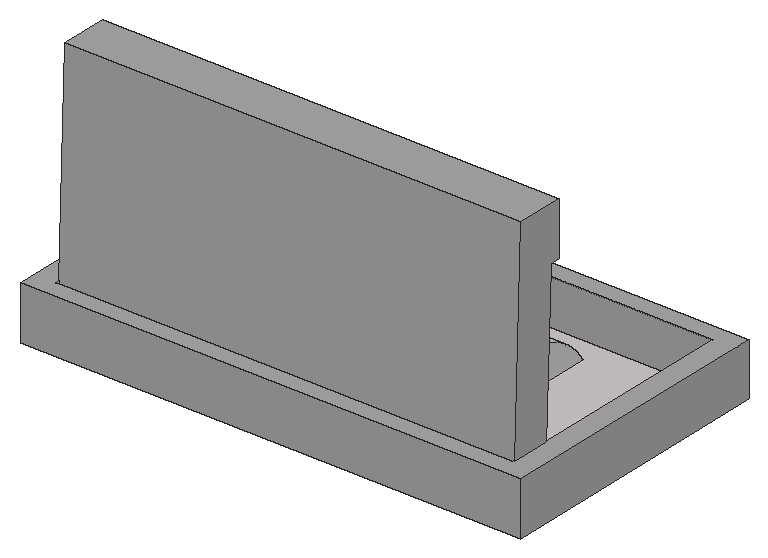
Revit family "30HS010X _BIM-Open-and-Closed", category Specialty Equipment, host Face, Revit 2025
Family settings
  Host = Face
  Round Connector Dimension = Use Diameter
  Part Type = Normal
  Enable Cutting in Views = No
  Cut with Voids When Loaded = No
  Maintain Annotation Orientation = No
  Shared = No
  Room Calculation Point = No
Parameters (values of type "Open")
  voidwidth [instance] = if(Recess Mounted, 35.625", 0.03125")  # 0.03125"
  voidheight [instance] = if(Recess Mounted, 19.625", 0.03125")  # 0.03125"
  voiddepth [instance] = if(Recess Mounted, Recess Into Host, 0.03125")  # 0.03125"
  swingadjust [instance] = if(and(Recess Mounted, Closed Position), 3.53125", if(Recess Mounted, 2.53125", 2.6875"))  # 2.6875"
  Weight Capacity = "250lb"  # constant formula
  Warranty Duration (Years) = 0
  Unit Weight = 0
  Unit Length = 38.06"
  Unit Height = 21.86"
  Unit Depth = 17.18"
  URL = "https://choosesova.com/"
  Trim Material [instance] = Metal - Stainless Steel
  Surface Mounted = yes
  Standards Conformance = ""
  Revision = "R1_4_2013"
  Recess Mounted = not(Surface Mounted)  # no
  Recess Into Host [instance] = 0.0"
  Projection from Host [instance] = 4.05078"
  Product Weight = "52.4lb"  # constant formula
  Open Position [instance] = not(Closed Position)  # yes
  Open Angle [instance] = if(Closed Position, 0.00°, 88.00°)  # 88.00°
  Mounting Height [instance] = 45.0"
  Model = "As Specified"
  Material(s) = "High Density Polyethylene (HDPE) and Stainless Steel"
  Manufacturer Website = "https://choosesova.com/"
  Manufacturer Phone - Toll Free = ""
  Manufacturer Phone = ""
  Manufacturer Fax = ""
  Manufacturer Address = ""
  Manufacturer = "The Sova Company"
  Maintenance Schedule (Months) = 0
  Keynote = "10812"
  Installation-Fabrication = ""
  Installation Phase = ""
  Green Building-LEED = ""
  Fixture Material [instance] = Polyethylene - Light Gray
  Expected Lifespan (Years) = 0
  Description = "Baby Changing Station as Specified"
  Default Elevation = 48.0"
  Construction Details = ""
  Closed Position [instance] = no
  Capacity = ""
  Building Codes = ""
  Assembly Code = "E1090900"
Types (3): name | Unit Depth
  (no name) | 17.18"
  Closed | 5.0"
  Open | 17.18"
Reference planes (in)
  plane 1 "Center (Front/Back)": y = 0.24068
  plane 2: z = 0
  plane 3 "Center (Left/Right)": x = 0
  plane 4: y = 11.17068
  plane 5: y = -10.68932
  plane 6: x = -19.03
  plane 7: x = 19.03
  plane 8: z = 17.18
  plane 9: z = 2.6875
  plane 10: y = -7.72057
  plane 11 "FF": y = -40.43932
  plane 12: y = -3.68932
  plane 13: z = 0
  plane 14: z = -0.03125
  plane 15: x = -17.35937
  plane 16: x = 17.35938
  plane 17: z = 4.05078
  plane 18: y = 4.56068
Forms (in)
  Extrusion 1, solid, material "Metal - Stainless Steel" <- "Trim Material"
    sketch origin (-19.41974, -180, 0) x (-1, 0, 0) y (0, -1, 0)
      loop
        line (-1.81037, -170.73677) -> (-37.02912, -170.73677) -> (-37.02912, -189.74459) -> (-1.81037, -189.74459) -> (-1.81037, -170.73677)
    from 0 to 4.05078
  Extrusion 2, void
    sketch origin (0, 0, 0) x (1, 0, 0) y (0, 1, 0)
      loop
        line (-0.01562, 0.25631) -> (-0.01562, 0.22506) -> (0.01563, 0.22506) -> (0.01563, 0.25631) -> (-0.01562, 0.25631)
    from -0.03125 to 12
  Extrusion 3, solid, material "Metal - Stainless Steel" <- "Trim Material"
    sketch origin (0, -7.5433, 5.05722) x (0, 0.034899, 0.999391) y (0, -0.999391, 0.034899)
      loop
        line (-3.85419, 1.45894) -> (-3.75076, -1.50288) -> (10.94523, -1.50288) -> (10.97241, -2.28118) -> (15.07916, -2.13777) -> (14.95356, 1.45894) -> (-3.85419, 1.45894)
    from -17.35938 to 17.35937
  Extrusion 4, void
    sketch origin (0, 0, 0) x (0, 1, 0) y (0, 0, 1)
      loop
        line (-9.68932, 0.125) -> (10.16287, 0.125) -> (10.16287, 6.125) -> (-9.68932, 6.125) -> (-9.68932, 0.125)
    from -17.35937 to 17.35938
  Extrusion 5, solid, material "Polyethylene - Light Gray" <- "Fixture Material", detail levels medium+fine
    sketch origin (0, -0.5, 0) x (0, 1, 0) y (0, 0, 1)
      loop
        arc (-7.89971, 1.62559) -> (-5.33905, 0.56493) -> (-6.39971, 3.12559) r 1.5
        line (-6.39971, 3.12559) -> (-7.89971, 3.12559) -> (-7.89971, 1.62559)
    from -17.35937 to 17.35938
  Extrusion 6, solid, material "Metal - Stainless Steel" <- "Trim Material"
    sketch origin (0, 0, 0) x (1, 0, 0) y (0, 1, 0)
      loop
        line (-17.44797, 9.74459) -> (-17.44797, -9.26323) -> (17.44797, -9.26323) -> (17.44797, 9.74459) -> (-17.44797, 9.74459)
      loop
        line (-19.03, 11.07662) -> (-19.03, -10.59526) -> (19.03, -10.59526) -> (19.03, 11.07662) -> (-19.03, 11.07662)
    from 0 to 4.05078
  Extrusion 7, void
    sketch origin (0, -7.59565, 2.68314) x (0, -0.034899, -0.999391) y (0, -0.999391, 0.034899)
      loop
        line (-14.48599, -1.47234) -> (-14.51175, -2.20997) -> (-13.34687, -2.25065) -> (-13.31969, -1.47234) -> (-14.48599, -1.47234)
    from -16.0625 to 16.0625
  Extrusion 8, void
    sketch origin (0, -7.59565, 2.68314) x (0, -0.034899, -0.999391) y (0, -0.999391, 0.034899)
      loop
        line (-13, -1.47234) -> (1.37629, -1.47234) -> (1.43643, 0.25) -> (-13, 0.25) -> (-13, -1.47234)
    from -15.625 to 15.625
  Extrusion 9, solid, material "Polyethylene - Light Gray" <- "Fixture Material", detail levels medium+fine
    sketch origin (0, 1.82949, 0.06389) x (0, 1, 0) y (0, 0, 1)
      loop
        line (7.91287, 0.5) -> (-7.06041, 0.5) -> (-7.06041, 0.125) -> (7.91287, 0.125) -> (7.91287, 0.5)
    from -17.35937 to 17.35938
  Extrusion 10, solid, material "Polyethylene - Light Gray" <- "Fixture Material", detail levels medium+fine
    sketch origin (0, 1.87109, 0) x (0, 1, 0) y (0, 0, 1)
      loop
        line (-3.95296, 0.5) -> (6.04177, 0.5)
        arc (6.04177, 0.5) -> (1.04441, 3.40899) -> (-3.95296, 0.5) r 5.747
    from -9 to 9
  Extrusion 11, solid, material "Polyethylene - Light Gray" <- "Fixture Material", detail levels medium+fine
    sketch origin (0, 0, 0) x (0, 1, 0) y (0, 0, 1)
      loop
        line (1.04278, 1.60576) -> (-6.18932, 1.60576) -> (-6.18932, 0.125) -> (1.04278, 0.125) -> (1.04278, 1.60576)
    from 2 to -2
  Extrusion 12, solid, material "Polyethylene - Light Gray" <- "Fixture Material", detail levels medium+fine
    sketch origin (0, 0, 0) x (0, 1, 0) y (0, 0, 1)
      loop
        line (-5.39971, 2.53055) -> (-5.39971, 0.5) -> (-0.65577, 0.5)
        arc (-0.65577, 0.5) -> (-2.84302, 1.94682) -> (-5.39971, 2.53055) r 7.3254
    from -10.89078 to 10.89063
  Extrusion 13, void
    sketch origin (0, 0, 0) x (0, 1, 0) y (0, 0, 1)
      loop
        line (-5.0147, 2.05264) -> (-4.18417, 0.5) -> (-0.50807, 0.5) -> (-0.50807, 2.05264) -> (-5.0147, 2.05264)
    from -9 to 9
  Extrusion 14, solid, material "Polyethylene - Light Gray" <- "Fixture Material", detail levels coarse
    sketch origin (0, 0, 0) x (0, 1, 0) y (0, 0, 1)
      loop
        line (-8.39971, 0.125) -> (9.74459, 0.125) -> (9.74459, 2.24635) -> (-8.39971, 2.24635) -> (-8.39971, 0.125)
    from -17.35937 to 17.35938
Cuts and joins
  Extrusion 4, Extrusion 8, Extrusion 13 cuts Extrusion 1
  Extrusion 8, Extrusion 13 cuts Extrusion 6
  joined: Extrusion 1, Extrusion 6
  Extrusion 7, Extrusion 8 cuts Extrusion 3
  Extrusion 13 cuts Extrusion 9
  Extrusion 13 cuts Extrusion 12
  joined: Extrusion 9, Extrusion 10, Extrusion 11, Extrusion 12
Lines and regions (in)
  reference lines
    curve 1: line (0, -7.72057, 2.6875) -> (0, -7.11855, 19.92699)
Dimensions and locks (in)
  equal spacing: plane 4, plane 1 "Center (Front/Back)", plane 5
  "Unit Height": plane 4 to plane 5
  equal spacing: plane 6, plane 3 "Center (Left/Right)", plane 7
  "Unit Length": plane 6 to plane 7
  locked: plane 5 to plane 10 at 2.96875
  locked: plane 12 to plane 5 at 7
  "Recess Into Host": level to plane 13
  Extrusion 1 sketch curve to plane 3 "Center (Left/Right)" to Extrusion 1 sketch curve = 17.60938" locked, 17.60938" locked
  Extrusion 1 sketch curve to plane 1 "Center (Front/Back)" to Extrusion 1 sketch curve = 9.50391" locked, 9.50391" locked
  equal spacing: Extrusion 2 sketch curve, plane 3 "Center (Left/Right)", Extrusion 2 sketch curve
  "voidwidth": Extrusion 2 sketch curve to Extrusion 2 sketch curve
  equal spacing: Extrusion 2 sketch curve, plane 1 "Center (Front/Back)", Extrusion 2 sketch curve
  "voidheight": Extrusion 2 sketch curve to Extrusion 2 sketch curve
  "voiddepth": level to plane 14
  "Unit Depth": plane 8 to level
  "swingadjust": plane 9 to plane 13
  locked: Extrusion 4 sketch curve to plane 13 at 0.125
  locked: Extrusion 4 sketch curve to Extrusion 4 sketch curve at 6
  plane 15 to plane 3 "Center (Left/Right)" to plane 16 = 17.35938" locked, 17.35937" locked
  locked: Extrusion 5 sketch curve to plane 13 at 1.62559
  Extrusion 6 sketch curve to plane 3 "Center (Left/Right)" to Extrusion 6 sketch curve = 17.44797", 17.44797"
  locked: Extrusion 6 sketch curve to Extrusion 6 sketch curve at 1.58203  (x2)
  Extrusion 6 sketch curve to plane 1 "Center (Front/Back)" to Extrusion 6 sketch curve = 9.50391" locked, 9.50391" locked
  locked: Extrusion 6 sketch curve to Extrusion 6 sketch curve at 1.33203  (x2)
  "Projection from Host": plane 17 to level
  locked: plane 18 to plane 12 at 8.25
  "Mounting Height": plane 18 to plane 11 "FF"
  Extrusion 14 sketch curve to Extrusion 14 sketch curve to plane 13 = 2.12135" locked, 0.125" locked
  "Open Angle": angle plane 9 to curve 1
  aligned and locked: plane 2 to host face
  aligned and locked: level to host face
  aligned and locked: plane 9 to curve 1
  aligned and locked: plane 10 to curve 1
  aligned and locked: Extrusion 2 to plane 14
  aligned and locked: Extrusion 4 to plane 16
  aligned and locked: plane 15 to Extrusion 4
  aligned and locked: Extrusion 3 to plane 16
  aligned and locked: plane 15 to Extrusion 3
  aligned and locked: plane 15 to Extrusion 5
  aligned and locked: Extrusion 5 to plane 16
  aligned and locked: plane 17 to Extrusion 6
  aligned and locked: plane 15 to Extrusion 9
  aligned and locked: Extrusion 9 to plane 16
  aligned and locked: plane 17 to Extrusion 1
  aligned: Extrusion 5 to Extrusion 14
  aligned and locked: cut or joined group of Extrusion 1, Extrusion 4, Extrusion 6, Extrusion 8, Extrusion 13 to Extrusion 14  (x2)
  aligned and locked: Extrusion 14 to cut or joined group of Extrusion 1, Extrusion 4, Extrusion 6, Extrusion 8, Extrusion 13
Automatic sketch dimensions
  host sketch curve to host sketch curve = 96.0"  (x2)
  Extrusion 3 sketch curve to curve 1 = 1.47972"
  Extrusion 3 sketch curve to curve 1 = 1.37629"
  curve 1 to Extrusion 3 sketch curve = 1.59734"
  Extrusion 3 sketch curve to curve 1 = 3.93031"
  curve 1 to Extrusion 3 sketch curve = 2.37565"
  Extrusion 3 sketch curve to Extrusion 3 sketch curve = 0.02718"
  curve 1 to Extrusion 3 sketch curve = 0.07802"
  curve 1 to Extrusion 3 sketch curve = 2.23224"
  plane 5 to Extrusion 4 sketch curve = 1.0"
  Extrusion 4 sketch curve to plane 4 = 1.00781"
  plane 10 to Extrusion 5 sketch curve = 0.67914"
  Extrusion 5 sketch curve to plane 10 = 0.82086"
  Extrusion 5 sketch curve to Extrusion 5 sketch curve = 0.0"
  curve 1 to Extrusion 7 sketch curve = 2.73825"
  Extrusion 7 sketch curve to curve 1 = 1.59734"
  Extrusion 7 sketch curve to Extrusion 7 sketch curve = 0.02576"
  Extrusion 7 sketch curve to Extrusion 7 sketch curve = 1.16488"
  Extrusion 7 sketch curve to Extrusion 7 sketch curve = 0.02718"
  curve 1 to Extrusion 8 sketch curve = 0.125"
  curve 1 to Extrusion 8 sketch curve = 4.25"
  curve 1 to Extrusion 8 sketch curve = 1.37629"
  curve 1 to Extrusion 8 sketch curve = 1.43643"
  Extrusion 8 sketch curve to curve 1 = 1.59734"
  plane 13 to Extrusion 9 sketch curve = 0.18889"
  Extrusion 9 sketch curve to plane 10 = 2.48964"
  plane 12 to Extrusion 10 sketch curve = 1.60746"
  Extrusion 10 sketch curve to plane 1 "Center (Front/Back)" = 2.67482"
  plane 13 to Extrusion 10 sketch curve = 0.5"
  Extrusion 10 sketch curve to plane 13 = 2.33801"
  Extrusion 9 sketch curve to plane 4 = 1.42832"
  Extrusion 9 sketch curve to Extrusion 9 sketch curve = 0.375"
  Extrusion 11 sketch curve to plane 12 = 2.5"
  plane 13 to Extrusion 11 sketch curve = 0.125"
  Extrusion 11 sketch curve to plane 1 "Center (Front/Back)" = 0.8021"
  plane 9 to Extrusion 11 sketch curve = 1.08174"
  Extrusion 12 sketch curve to plane 10 = 1.99501"
  plane 13 to Extrusion 12 sketch curve = 0.5"
  Extrusion 12 sketch curve to plane 12 = 1.71039"
  plane 1 "Center (Front/Back)" to Extrusion 12 sketch curve = 0.89645"
  Extrusion 12 sketch curve to plane 13 = 4.7876"
  plane 9 to Extrusion 13 sketch curve = 0.63486"
  Extrusion 13 sketch curve to plane 12 = 1.32538"
  Extrusion 13 sketch curve to plane 12 = 0.49485"
  plane 1 "Center (Front/Back)" to Extrusion 13 sketch curve = 0.74875"
  plane 13 to Extrusion 13 sketch curve = 0.5"
  plane 10 to Extrusion 14 sketch curve = 0.67914"
  plane 18 to Extrusion 14 sketch curve = 5.18391"
